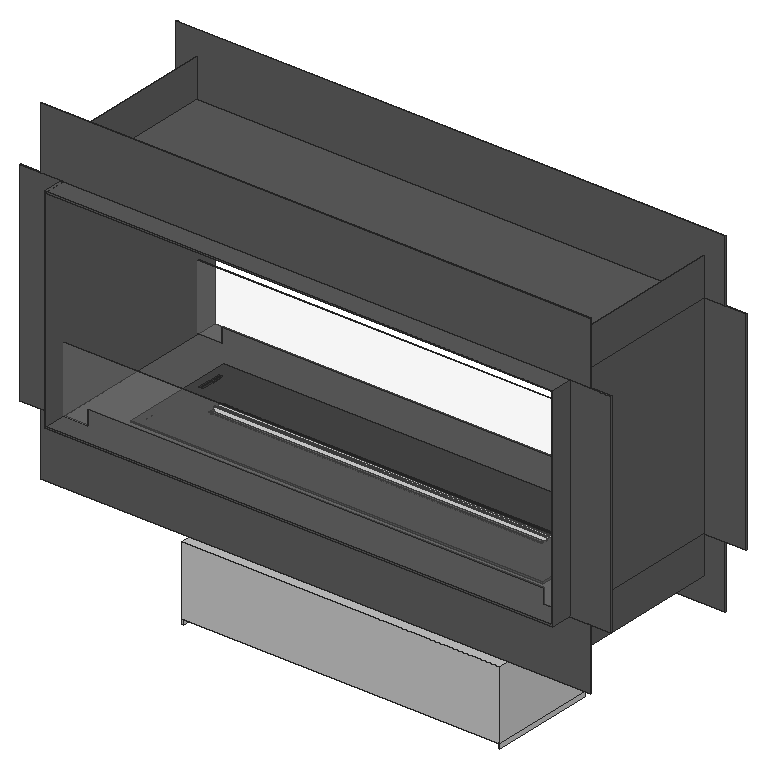
Revit family "1PLANIKA_FLA3_XL_CASING_FORMA_SEE-THROUGH", category Attrezzatura meccanica, host Muro, Revit 2017
Family settings
  Host = Muro
  Quota connettore circolare = Usa diametro
  Tipo di parte = Normale
  Sempre verticale = Sì
  Taglio con vuoti quando caricato = No
  Condiviso = No
  Punto di calcolo locali = Sì
Parameters (values of type "FLA3_XL_FORMA_1200_SEE-THROUGH")
  HOST WALL DEPTH = 506 mm
  URL = "https://www.planikafires.com"
  TECHNICAL SHEET = "https://www.planikausa.com/indoor-ethanol-fireplaces/see-through/forma-double-sided/"
  PRODUCT SHEET = "https://www.archiproducts.com/en/products/planika/bioethanol-fireplace-insert-fla-3-xl-in-casing-forma_431074"
  POWER SUPPLY = 230 V
  NET WEIGHT = 80.40 kg
  Modello = "FLA3 XL in FORMA SEE-THROUGH"
  Produttore = "PLANIKA"
  MINIMUM ROOM CUBATURE = 81 m³
  MAXIMUM HEAT OUTPUT = 8.1 kWh
  MAXIMUM BURN TIME = "10 hours"
  MATERIAL DESCRIPTION = "Steel, galvanized steel, toughened glass."
  LENGTH = 1320 mm
  HEIGHT = 710 mm
  FUEL TYPE = "Bioethanol 86 - 96,6%"
  FUEL TANK CAPACITY = 17.2 L
  FORMA LENGTH = 1219 mm
  FLAME HEIGHT REGULATION = "6 stages"
  FLA 3 LENGTH = 990 mm
  FINISHING MATERIAL = Black painted steel -  Planika
  ENVIRONMENTAL PERFORMANCE = "Maximum heat output: 8.1 kWh"
  Descrizione = "With a wide range of customization options, configurations and lengths, Planika’s FORMA see-through firebox can be fitted into virtually any space, be it a modern apartment or a traditional house! The main advantage of this solution is the self-contained zero clearance construction, giving architects and builders endless design possibilities. With two open sides, FORMA see-through firebox creates a perfect room divider, infusing warmth and ambiance into your living space."
  DEPTH = 406 mm
  CASING FINISH = Black powder coated steel - Planika
  BIM USER MANUAL = "https://img.edilportale.com/bim/Planika-manual-Planika-bim.pdf"
  BIM BADGE = "https://bim.archiproducts.com/en/badge/bim-archiproducts-featured_658700/about"
  BIM AUTHOR = "https://bim.archiproducts.com"
  APPLICATION = "For indoor use only"
  AIR CHANGE RATE = "1 space volume per hour"
Types (6, lengths in mm): name | NET WEIGHT | MINIMUM ROOM CUBATURE | MAXIMUM HEAT OUTPUT | MAXIMUM BURN TIME | LENGTH | FUEL TANK CAPACITY | FORMA LENGTH | FLA 3 LENGTH | ENVIRONMENTAL PERFORMANCE
  FLA3_XL_FORMA_1200_SEE-THROUGH | 80.40 kg | 81 m³ | 8.1 kWh | "10 hours" | 1320 | 17.2 L | 1219 | 990 | "Maximum heat output: 8.1 kWh"
  FLA3_XL_FORMA_1000_SEE-THROUGH | 67.80 kg | 69 m³ | 6.9 kWh | "32 hours" | 1120 | 13.4 L | 1016 | 790 | "Maximum heat output: 6.9 kWh"
  FLA3_XL_FORMA_1500_SEE-THROUGH | 96.60 kg | 113 m³ | 11.2 kWh | "10 hours" | 1630 | 21.0 L | 1524 | 1190 | "Maximum heat output: 11.2 kWh"
  FLA3_XL_FORMA_1800_SEE-THROUGH | 113.40 kg | 150 m³ | 15 kWh | "10 hours" | 1930 | 26.8 L | 1911 | 1490 | "Maximum heat output: 15 kWh"
  FLA3_XL_FORMA_2300_SEE-THROUGH | 157.10 kg | 212 m³ | 21.2 kWh | "10 hours" | 2440 | 36.3 L | 2337 | 1990 | "Maximum heat output: 21.2 kWh"
  FLA3_XL_FORMA_2700_SEE-THROUGH | 229.90 kg | 275 m³ | 27.5 kWh | "10 hours" | 2800 | 45.9 L | 2692 | 2490 | "Maximum heat output: 27.5 kWh"
Reference planes
  plane 1 "Wall": y = 0
  plane 2 "Center (Left/Right)": x = 125
  plane 3 "Back": y = 253
  plane 4: x = 734.5
  plane 5: x = -484.5
Forms (mm)
  Extrusion 1, void
    sketch origin (125, 0, 0) x (0, 1, 0) y (0, 0, 1)
      loop
        line (-253, 1898.739) -> (-253, 1390.739) -> (-125.097, 1390.739) -> (-125.097, 1210.739) -> (125.1, 1210.739) -> (125.1, 1390.739) -> (253, 1390.739) -> (253, 1898.739) -> (-253, 1898.739)
    from -609.5 to 609.5
Text (mm)
  text "Placement Side" at (-1848.837, 1116.779, 0), in view "Ref. Level"
  text "Placement side" at (0, 1409.804, 2854.306), in view "Left"
  text "Placement side" at (0, 499.811, 2980.732), in view "Right"
Dimensions and locks
  locked: plane 3 "Back" to host wall
  equal spacing: plane 4, plane 2 "Center (Left/Right)", plane 5
  "FORMA LENGTH": plane 4 to plane 5
  locked: plane 3 "Back" to nested 2 at 253
  aligned and locked: plane 1 "Wall" to host wall
  aligned and locked: nested 1 to plane 2 "Center (Left/Right)"
  aligned and locked: nested 2 to plane 2 "Center (Left/Right)"
  aligned and locked: Extrusion 1 sketch curve to host wall
  aligned and locked: Extrusion 1 sketch curve to nested 2  (x2)
  aligned and locked: Extrusion 1 to plane 5
  aligned and locked: plane 4 to Extrusion 1
  aligned and locked: Extrusion 1 sketch curve to nested 1
Automatic sketch dimensions
  Extrusion 1 sketch curve to Extrusion 1 sketch curve = 180 mm  (x2)
  Extrusion 1 sketch curve to Extrusion 1 sketch curve = 508 mm
  level to Extrusion 1 sketch curve = 1210.739 mm
Nested families
  nested 1: "CASING_FORMA" at (125, 203, 1644.739) x (-1, 0, 0) z (0, 1, 0), Length <- "FORMA LENGTH", MATERIAL <- "CASING FINISH", type "CASING_FORMA"
    with MATERIAL Black powder coated steel - Planika, Length 1219 mm
  nested 2: "FLA_3_XL" at (125, 0, 993.239) x (-1, 0, 0) z (0, 0, 1), Length <- "FLA 3 LENGTH", Material <- "FINISHING MATERIAL", type "FLA_3_XL"
    with Material Black painted steel -  Planika, Length 990 mm
Connectors
  electrical at (77.672, -98.443, 1213.239), driven by "POWER SUPPLY"
    settings: on nested 2, index 1, voltage 230 V, apparent load 0 VA, apparent load phase1 0 VA, apparent load phase2 0 VA, apparent load phase3 0 VA, power factor 1, load classification "Power", number of poles 1, system type 31, power factor state 1, is connector primary yes, connector utility no, sub classification motor no, connector description ""
Definition of nested family "CASING_FORMA"
  Parameters (values of type "CASING_FORMA")
    Width = 406 mm
    Height = 688 mm
    Length [instance] = 1219 mm
    MATERIAL [instance] = none
    Default Elevation = 1219.2 mm
  Reference planes
    plane 1 "Center (Front/Back)": y = 0
    plane 2: z = 0
    plane 3 "Center (Left/Right)": x = 0
    plane 4: x = -609.5
    plane 5: x = 609.5
    plane 6: y = 344
    plane 7: y = -344
    plane 8: z = -406
  Forms (mm)
    Extrusion 1, solid, material <- "MATERIAL", detail levels fine
      sketch origin (0, 0, 0) x (1, 0, 0) y (0, 1, 0)
        loop
          line (-709.5, -254) -> (-609.5, -254) -> (-609.5, 254) -> (-709.5, 254) -> (-709.5, -254)
        loop
          line (609.5, -254) -> (709.5, -254) -> (709.5, 254) -> (609.5, 254) -> (609.5, -254)
      from -2.5 to 0
    Extrusion 2, solid, material <- "MATERIAL", detail levels fine
      sketch origin (0, 0, 0) x (1, 0, 0) y (0, 1, 0)
        loop
          line (-659.5, 254) -> (659.5, 254) -> (659.5, 404) -> (-659.5, 404) -> (-659.5, 254)
      from -2.5 to 0
    Extrusion 3, solid, material <- "MATERIAL", detail levels fine
      sketch origin (0, 300, 0) x (1, 0, 0) y (0, 1, 0)
        loop
          line (-659.5, -554) -> (-659.5, -704) -> (659.5, -704) -> (659.5, -554) -> (-659.5, -554)
      from -2.5 to 0
    Extrusion 4, solid, material <- "MATERIAL", detail levels fine
      sketch origin (0, 0, 0) x (1, 0, 0) y (0, 0, 1)
        loop
          line (609.5, -2.5) -> (607, -2.5) -> (607, -403.5) -> (609.5, -403.5) -> (609.5, -2.5)
        loop
          line (-609.5, -2.5) -> (-609.5, -403.5) -> (-607, -403.5) -> (-607, -2.5) -> (-609.5, -2.5)
      from -344 to -254
    Extrusion 5, solid, material <- "MATERIAL", detail levels fine
      sketch origin (10, 0, 0) x (1, 0, 0) y (0, 0, 1)
        loop
          line (599.5, -2.5) -> (597, -2.5) -> (597, -403.5) -> (599.5, -403.5) -> (599.5, -2.5)
        loop
          line (-619.5, -2.5) -> (-619.5, -403.5) -> (-617, -403.5) -> (-617, -2.5) -> (-619.5, -2.5)
      from 254 to 344
    Extrusion 6, solid, material <- "MATERIAL", detail levels fine
      sketch origin (0, 0, 0) x (1, 0, 0) y (0, 1, 0)
        loop
          line (-659.5, 254) -> (659.5, 254) -> (659.5, 404) -> (-659.5, 404) -> (-659.5, 254)
      from -403.5 to -406
    Extrusion 7, solid, material <- "MATERIAL", detail levels fine
      sketch origin (0, 0, 0) x (1, 0, 0) y (0, 1, 0)
        loop
          line (-659.5, -404) -> (659.5, -404) -> (659.5, -254) -> (-659.5, -254) -> (-659.5, -404)
      from -403.5 to -406
    Extrusion 8, solid, material <- "MATERIAL", detail levels fine
      sketch origin (0, 0, 0) x (1, 0, 0) y (0, 1, 0)
        loop
          line (-609.5, -254) -> (-609.5, 254) -> (-709.5, 254) -> (-709.5, -254) -> (-609.5, -254)
        loop
          line (609.5, -254) -> (709.5, -254) -> (709.5, 254) -> (609.5, 254) -> (609.5, -254)
      from -406 to -403.5
    Extrusion 9, solid, material <- "MATERIAL", detail levels medium+fine
      sketch origin (0, 0, 0) x (1, 0, 0) y (0, 1, 0)
        loop
          line (-609.5, -254) -> (609.5, -254) -> (609.5, 254) -> (-609.5, 254) -> (-609.5, -254)
        loop
          line (607, 251.5) -> (-607, 251.5) -> (-607, -251.5) -> (607, -251.5) -> (607, 251.5)
      from 50 to -456
    Extrusion 10, solid, detail levels fine
      sketch origin (50, 0, 0) x (1, 0, 0) y (0, 1, 0)
        loop
          line (-657, -251.5) -> (-597, -251.5) -> (-597, -216.5) -> (497, -216.5) -> (497, -251.5) -> (557, -251.5) -> (557, -91.5) -> (-657, -91.5) -> (-657, -251.5)
      from -403.5 to -406
    Extrusion 11, solid, detail levels fine
      sketch origin (250, 0, 0) x (1, 0, 0) y (0, 1, 0)
        loop
          line (-857, -251.5) -> (-797, -251.5) -> (-797, -216.5) -> (297, -216.5) -> (297, -251.5) -> (357, -251.5) -> (357, -91.5) -> (-857, -91.5) -> (-857, -251.5)
      from -2.5 to 0
  Dimensions and locks
    "Length": plane 4 to plane 5
    equal spacing: plane 4, plane 3 "Center (Left/Right)", plane 5
    equal spacing: plane 7, plane 1 "Center (Front/Back)", plane 6
    "Height": plane 7 to plane 6
    "Width": plane 2 to plane 8
    locked: Extrusion 1 sketch curve to plane 4 at 100
    locked: plane 5 to Extrusion 1 sketch curve at 100
    locked: Extrusion 2 sketch curve to plane 4 at 50
    locked: plane 5 to Extrusion 2 sketch curve at 50
    Extrusion 2 sketch curve to plane 6 to Extrusion 2 sketch curve = 60 mm locked, 90 mm locked
    locked: Extrusion 3 sketch curve to plane 4 at 50
    locked: plane 5 to Extrusion 3 sketch curve at 50
    Extrusion 3 sketch curve to plane 7 to Extrusion 3 sketch curve = 90 mm locked, 60 mm locked
    locked: Extrusion 3 to Extrusion 3 at 2.5
    locked: Extrusion 2 to Extrusion 2 at 2.5
    locked: Extrusion 7 to Extrusion 7 at 2.5
    locked: Extrusion 9 sketch curve to Extrusion 9 sketch curve at 2.5  (x4)
    locked: Extrusion 9 to plane 2 at 50
    locked: plane 8 to Extrusion 9 at 50
    Extrusion 10 sketch curve to Extrusion 10 sketch curve to Extrusion 10 sketch curve = 35 mm locked, 125 mm locked
    locked: Extrusion 10 sketch curve to Extrusion 10 sketch curve at 60  (x2)
    Extrusion 11 sketch curve to Extrusion 11 sketch curve to Extrusion 11 sketch curve = 35 mm locked, 125 mm locked
    locked: Extrusion 11 sketch curve to Extrusion 11 sketch curve at 60  (x2)
    aligned and locked: level to plane 2
    aligned and locked: plane 4 to Extrusion 1 sketch curve
    aligned and locked: plane 5 to Extrusion 1 sketch curve
    aligned and locked: Extrusion 1 sketch curve to Extrusion 2  (x2)
    aligned and locked: Extrusion 1 sketch curve to Extrusion 3  (x2)
    aligned and locked: plane 2 to Extrusion 2
    aligned and locked: plane 2 to Extrusion 3
    aligned and locked: plane 5 to Extrusion 4 sketch curve
    aligned and locked: Extrusion 4 sketch curve to plane 4
    aligned and locked: Extrusion 4 to Extrusion 2
    aligned and locked: Extrusion 4 to plane 6
    aligned and locked: plane 7 to Extrusion 5
    aligned and locked: Extrusion 3 to Extrusion 5
    aligned and locked: Extrusion 3 to Extrusion 4 sketch curve  (x2)
    aligned and locked: Extrusion 3 to Extrusion 5 sketch curve  (x2)
    aligned and locked: Extrusion 6 sketch curve to Extrusion 2  (x4)
    aligned and locked: Extrusion 7 sketch curve to Extrusion 3  (x4)
    aligned and locked: Extrusion 8 sketch curve to Extrusion 1  (x6)
    aligned and locked: plane 8 to Extrusion 7
    aligned and locked: plane 8 to Extrusion 6
    aligned and locked: Extrusion 6 to Extrusion 7
    aligned and locked: Extrusion 3 to Extrusion 1
    aligned and locked: plane 8 to Extrusion 8
    aligned and locked: Extrusion 8 to Extrusion 7
    aligned and locked: Extrusion 9 sketch curve to plane 5
    aligned and locked: Extrusion 9 sketch curve to plane 4
    aligned and locked: Extrusion 9 sketch curve to Extrusion 2
    aligned and locked: Extrusion 9 sketch curve to Extrusion 3
    aligned and locked: Extrusion 9 to Extrusion 5  (x4)
    aligned and locked: plane 2 to Extrusion 1
    aligned and locked: Extrusion 10 sketch curve to Extrusion 9  (x3)
    aligned and locked: Extrusion 9 to Extrusion 10 sketch curve
    aligned and locked: Extrusion 10 to plane 8
    aligned and locked: Extrusion 7 to Extrusion 10
    aligned and locked: Extrusion 11 to Extrusion 9  (x4)
    aligned and locked: Extrusion 3 to Extrusion 11  (x2)
  Automatic sketch dimensions
    plane 4 to Extrusion 4 sketch curve = 2.5 mm
    plane 5 to Extrusion 4 sketch curve = 2.5 mm
    plane 8 to Extrusion 4 sketch curve = 2.5 mm  (x2)
    Extrusion 5 sketch curve to plane 4 = 0 mm
    plane 5 to Extrusion 5 sketch curve = 0 mm
    plane 4 to Extrusion 5 sketch curve = 2.5 mm
    plane 5 to Extrusion 5 sketch curve = 2.5 mm
    plane 8 to Extrusion 5 sketch curve = 2.5 mm  (x2)
    Extrusion 8 sketch curve to plane 7 = 90 mm  (x2)
    Extrusion 11 sketch curve to plane 7 = 92.5 mm
    plane 4 to Extrusion 11 sketch curve = 2.5 mm
    plane 5 to Extrusion 11 sketch curve = 62.5 mm
    Extrusion 11 sketch curve to Extrusion 11 sketch curve = 35 mm
Definition of nested family "FLA_3_XL"
  Parameters (values of type "FLA_3_XL")
    URL = ""
    Model = ""
    Material [instance] = none
    Manufacturer = ""
    Length [instance] = 990 mm
    Description = ""
    Default Elevation = 1219.2 mm
  Reference planes
    plane 1 "Center (Front/Back)": y = 0
    plane 2: z = 0
    plane 3 "Center (Left/Right)": x = 0
    plane 4: x = -495
    plane 5: x = 495
    plane 6: x = -400
    plane 7: x = 400
    plane 8: x = -447.5
    plane 9: x = 447.5
    plane 10 "Level 1": z = 0
    plane 11: z = 455.862
  Forms (mm)
    Extrusion 1, solid, material <- "Material", detail levels fine
      sketch origin (0, 0, 0) x (0, 1, 0) y (-1, 0, 0)
        loop
          line (-139.982, 495) -> (-139.982, -495) -> (139.98, -495) -> (139.98, 495) -> (-139.982, 495)
        loop
          line (-19.978, 400) -> (-19.978, -400) -> (23.031, -400) -> (23.031, 400) -> (-19.978, 400)
        loop
          line (-72.434, 475) -> (-101.434, 475) -> (-101.434, 470) -> (-72.434, 470) -> (-72.434, 475)
        loop
          line (-72.434, 468) -> (-101.434, 468) -> (-101.434, 463) -> (-72.434, 463) -> (-72.434, 468)
        loop
          line (-41.457, 475) -> (-70.457, 475) -> (-70.457, 470) -> (-41.457, 470) -> (-41.457, 475)
        loop
          line (-41.457, 468) -> (-70.457, 468) -> (-70.457, 463) -> (-41.457, 463) -> (-41.457, 468)
        loop
          line (-70.457, -475) -> (-41.457, -475) -> (-41.457, -470) -> (-70.457, -470) -> (-70.457, -475)
        loop
          line (-70.457, -468) -> (-41.457, -468) -> (-41.457, -463) -> (-70.457, -463) -> (-70.457, -468)
        loop
          line (-101.434, -475) -> (-72.434, -475) -> (-72.434, -470) -> (-101.434, -470) -> (-101.434, -475)
        loop
          line (-101.434, -468) -> (-72.434, -468) -> (-72.434, -463) -> (-101.434, -463) -> (-101.434, -468)
      from 400 to 403
    Extrusion 2, solid, detail levels fine
      sketch origin (0, 0, 0) x (0, 1, 0) y (-1, 0, 0)
        loop
          line (125.097, -480) -> (125.097, 480) -> (-125.1, 480) -> (-125.1, -480) -> (125.097, -480)
        loop
          line (-122.1, -477) -> (122.097, -477) -> (122.097, 477) -> (-122.1, 477) -> (-122.1, -477)
      from 220 to 400
    Extrusion 3, solid, detail levels fine
      sketch origin (-500, 1995.821, 1200) x (0, 1, 0) y (0, 0, 1)
        loop
          arc (-1972.79, -797) -> (-1977.026, -798.755) -> (-1978.781, -802.99) r 5.99
          line (-1978.781, -802.99) -> (-1978.781, -820.489) -> (-1976.085, -820.489) -> (-1976.085, -802.99)
          arc (-1976.085, -802.99) -> (-1975.12, -800.661) -> (-1972.79, -799.696) r 3.294
          line (-1972.79, -799.696) -> (-1972.79, -797)
        loop
          line (-2015.801, -797) -> (-2015.801, -799.696)
          arc (-2015.801, -799.696) -> (-2013.472, -800.661) -> (-2012.507, -802.99) r 3.294
          line (-2012.507, -802.99) -> (-2012.507, -820.489) -> (-2009.81, -820.489) -> (-2009.81, -802.99)
          arc (-2009.81, -802.99) -> (-2011.565, -798.755) -> (-2015.801, -797) r 5.99
      from 100 to 900
    Extrusion 4, solid, detail levels fine
      sketch origin (0, 0, 0) x (0, 1, 0) y (-1, 0, 0)
        loop
          line (122.097, 477) -> (-122.1, 477) -> (-122.1, -477) -> (122.097, -477) -> (122.097, 477)
      from 220 to 223
    Extrusion 5, solid, detail levels medium
      sketch origin (0, 0, 0) x (0, 1, 0) y (-1, 0, 0)
        loop
          line (-139.982, 495) -> (-139.982, -495) -> (139.98, -495) -> (139.98, 495) -> (-139.982, 495)
      from 0 to 400
    Extrusion 6, solid, detail levels fine
      sketch origin (-447.5, 1994.334, 1200) x (0, 1, 0) y (0, 0, 1)
        loop
          line (-1984.329, -792.199) -> (-1989.312, -792.199) -> (-1989.312, -795.189) -> (-1985.824, -795.189) -> (-1985.824, -802.166) -> (-2002.767, -802.166) -> (-2002.767, -795.189) -> (-1999.279, -795.189) -> (-1999.279, -792.199) -> (-2004.262, -792.199) -> (-2004.262, -822.1) -> (-1984.329, -822.1) -> (-1984.329, -792.199)
      from 47.5 to 847.5
    Extrusion 7, solid, detail levels fine
      sketch origin (0, 0, 0) x (0, 1, 0) y (-1, 0, 0)
        loop
          line (127, 381) -> (-127, 381) -> (-127, -381) -> (127, -381) -> (127, 381)
      from 10 to 176
    Extrusion 8, solid, detail levels fine
      sketch origin (96, 0, 0) x (1, 0, 0) y (0, 1, 0)
        loop
          line (-477, -127) -> (-474, -127) -> (-474, 127) -> (-477, 127) -> (-477, -127)
      from 0 to 10
    Extrusion 9, solid, detail levels fine
      sketch origin (-225, 0, 0) x (-1, 0, 0) y (0, -1, 0)
        loop
          line (-606, 127) -> (-606, -127) -> (-603, -127) -> (-603, 127) -> (-606, 127)
      from 0 to 10
    Extrusion 10, solid, detail levels fine
      sketch origin (0, 0, 0) x (1, 0, 0) y (0, 1, 0)
        loop
          line (32.328, 108.443) -> (32.328, 88.443) -> (62.328, 88.443) -> (62.328, 108.443) -> (32.328, 108.443)
      from 220 to 223
  Lines and regions (mm)
    model lines, detail levels coarse+medium
      curve 1: line (-495, -139.982, 0) -> (495, -139.982, 0)
      curve 2: line (-495, 139.98, 0) -> (-495, -139.982, 0)
      curve 3: line (495, 139.98, 0) -> (-495, 139.98, 0)
      curve 4: line (495, -139.982, 0) -> (495, 139.98, 0)
    model lines, detail levels medium
      curve 5: line (-400, -19.978, 0) -> (400, -19.978, 0)
      curve 6: line (-400, 23.031, 0) -> (-400, -19.978, 0)
      curve 7: line (400, 23.031, 0) -> (-400, 23.031, 0)
      curve 8: line (400, -19.978, 0) -> (400, 23.031, 0)
      curve 9: line (-447.5, -39.875, 0) -> (447.5, -39.875, 0)
      curve 10: line (-447.5, -34.075, 0) -> (-447.5, -39.875, 0)
      curve 11: line (447.5, -34.075, 0) -> (-447.5, -34.075, 0)
      curve 12: line (447.5, -39.875, 0) -> (447.5, -34.075, 0)
  Dimensions and locks
    equal spacing: plane 4, plane 3 "Center (Left/Right)", plane 5
    "Length": plane 4 to plane 5
    locked: plane 4 to plane 6 at 95
    locked: plane 7 to plane 5 at 95
    equal spacing: plane 4, plane 8, plane 6
    equal spacing: plane 7, plane 9, plane 5
    Extrusion 6 sketch curve to Extrusion 6 sketch curve to Extrusion 6 sketch curve to Extrusion 6 sketch curve = 19.934 mm locked, 6.977 mm locked, 2.99 mm locked
    locked: plane 10 "Level 1" to Extrusion 6 sketch curve at 377.9
    Extrusion 3 sketch curve to Extrusion 3 sketch curve to Extrusion 3 sketch curve to plane 10 "Level 1" = 2.696 mm locked, 20.792 mm locked, 379.511 mm locked
    locked: Extrusion 10 to Extrusion 10 at 3
    locked: plane 11 to plane 2 at 455.862
    Extrusion 7 to plane 3 "Center (Left/Right)" to Extrusion 7 = 381 mm locked, 381 mm locked
    locked: Extrusion 8 sketch curve to Extrusion 8 sketch curve at 3
    locked: Extrusion 9 sketch curve to Extrusion 9 sketch curve at 3
    aligned and locked: level to plane 2
    aligned and locked: Extrusion 1 sketch curve to plane 4
    aligned and locked: plane 5 to Extrusion 1 sketch curve
    aligned and locked: Extrusion 3 to plane 6
    aligned and locked: plane 7 to Extrusion 3
    aligned and locked: Extrusion 5 sketch curve to Extrusion 1  (x2)
    aligned and locked: curve 2 to Extrusion 1
    aligned and locked: curve 4 to Extrusion 1
    aligned and locked: curve 6 to Extrusion 1
    aligned and locked: Extrusion 6 to Extrusion 1  (x2)
    aligned and locked: Extrusion 1 sketch curve to plane 7
    aligned and locked: Extrusion 2 to Extrusion 10
    aligned and locked: plane 4 to nested 1
    aligned and locked: nested 1 to Extrusion 1  (x2)
    aligned and locked: nested 2 to plane 11
    aligned and locked: nested 2 to plane 2
    aligned and locked: plane 4 to nested 2
    aligned and locked: plane 5 to nested 2
    aligned and locked: nested 3 to plane 11
    aligned and locked: nested 3 to plane 2
    aligned and locked: nested 3 to Extrusion 5  (x2)
    aligned and locked: Extrusion 8 to Extrusion 7
    aligned and locked: Extrusion 9 to Extrusion 7
  Automatic sketch dimensions
    curve 7 to plane 7 = 0 mm
    plane 1 "Center (Front/Back)" to curve 1 = 139.982 mm
    plane 1 "Center (Front/Back)" to curve 9 = 39.875 mm
    curve 9 to curve 11 = 5.8 mm
    plane 1 "Center (Front/Back)" to curve 6 = 19.978 mm
    curve 8 to plane 1 "Center (Front/Back)" = 23.031 mm
    curve 3 to plane 1 "Center (Front/Back)" = 139.98 mm
    Extrusion 1 sketch curve to plane 6 = 0 mm
    plane 1 "Center (Front/Back)" to Extrusion 1 sketch curve = 139.982 mm
    Extrusion 1 sketch curve to plane 5 = 20 mm  (x2)
    Extrusion 1 sketch curve to Extrusion 1 sketch curve = 38.548 mm  (x2)
    Extrusion 1 sketch curve to Extrusion 1 sketch curve = 0 mm  (x10)
    Extrusion 1 sketch curve to plane 8 = 15.5 mm
    Extrusion 1 sketch curve to Extrusion 1 sketch curve = 29 mm  (x4)
    Extrusion 1 sketch curve to Extrusion 1 sketch curve = 1.977 mm  (x4)
    plane 1 "Center (Front/Back)" to Extrusion 1 sketch curve = 19.978 mm
    Extrusion 1 sketch curve to plane 1 "Center (Front/Back)" = 23.031 mm
    Extrusion 1 sketch curve to plane 1 "Center (Front/Back)" = 139.98 mm
    Extrusion 1 sketch curve to Extrusion 1 sketch curve = 5 mm  (x7)
    Extrusion 1 sketch curve to Extrusion 1 sketch curve = 2 mm  (x2)
    plane 4 to Extrusion 2 sketch curve = 15 mm
    plane 1 "Center (Front/Back)" to Extrusion 2 sketch curve = 125.1 mm
    Extrusion 2 sketch curve to Extrusion 2 sketch curve = 3 mm  (x4)
    Extrusion 2 sketch curve to plane 5 = 18 mm
    Extrusion 2 sketch curve to plane 1 "Center (Front/Back)" = 122.097 mm
    Extrusion 3 sketch curve to Extrusion 3 sketch curve = 0 mm  (x3)
    plane 1 "Center (Front/Back)" to Extrusion 3 sketch curve = 19.98 mm
    plane 1 "Center (Front/Back)" to Extrusion 3 sketch curve = 16.685 mm
    Extrusion 3 sketch curve to plane 1 "Center (Front/Back)" = 17.041 mm
    Extrusion 3 sketch curve to Extrusion 3 sketch curve = 2.696 mm
    Extrusion 3 sketch curve to Extrusion 3 sketch curve = 3.294 mm
    Extrusion 3 sketch curve to Extrusion 3 sketch curve = 17.498 mm
    plane 4 to Extrusion 4 sketch curve = 18 mm
    plane 1 "Center (Front/Back)" to Extrusion 4 sketch curve = 122.1 mm
    Extrusion 4 sketch curve to plane 1 "Center (Front/Back)" = 122.097 mm
    Extrusion 4 sketch curve to plane 5 = 18 mm
    plane 1 "Center (Front/Back)" to Extrusion 5 sketch curve = 139.982 mm
    Extrusion 5 sketch curve to plane 1 "Center (Front/Back)" = 139.98 mm
    plane 1 "Center (Front/Back)" to Extrusion 6 sketch curve = 9.928 mm
    plane 1 "Center (Front/Back)" to Extrusion 6 sketch curve = 8.433 mm
    Extrusion 6 sketch curve to Extrusion 6 sketch curve = 3.488 mm  (x2)
    Extrusion 6 sketch curve to plane 1 "Center (Front/Back)" = 5.022 mm
    Extrusion 6 sketch curve to Extrusion 6 sketch curve = 1.495 mm
    Extrusion 6 sketch curve to Extrusion 6 sketch curve = 6.977 mm
    Extrusion 6 sketch curve to Extrusion 6 sketch curve = 2.99 mm
    plane 6 to Extrusion 7 sketch curve = 19 mm
    plane 1 "Center (Front/Back)" to Extrusion 7 sketch curve = 127 mm
    Extrusion 7 sketch curve to plane 1 "Center (Front/Back)" = 127 mm
    Extrusion 7 sketch curve to plane 7 = 19 mm
    plane 6 to Extrusion 8 sketch curve = 19 mm
    plane 1 "Center (Front/Back)" to Extrusion 8 sketch curve = 127 mm
    Extrusion 8 sketch curve to plane 1 "Center (Front/Back)" = 127 mm
    plane 7 to Extrusion 9 sketch curve = 19 mm
    Extrusion 9 sketch curve to plane 1 "Center (Front/Back)" = 127 mm
    plane 1 "Center (Front/Back)" to Extrusion 9 sketch curve = 127 mm
    plane 3 "Center (Left/Right)" to Extrusion 10 sketch curve = 32.328 mm
    Extrusion 10 sketch curve to Extrusion 10 sketch curve = 30 mm
    Extrusion 10 sketch curve to plane 1 "Center (Front/Back)" = 88.443 mm
    Extrusion 10 sketch curve to Extrusion 10 sketch curve = 20 mm
    curve 10 to plane 8 = 0 mm
    curve 9 to plane 9 = 0 mm
  Nested families
    nested 1: "FIREPLACE_SYMBOL_detail item" at (175, -0.001, 0), type "FIREPLACE_SYMBOL_detail item", detail levels coarse
      with WIDTH 1340 mm, HEIGHT 279.962 mm
    nested 2: "FIREPLACE_SYMBOL_detail item" at (0, 0, 227.931) x (1, 0, 0) z (0, -1, 0), type "FIREPLACE_SYMBOL_detail item", detail levels coarse
      with WIDTH 990 mm, HEIGHT 455.862 mm
    nested 3: "FIREPLACE_SYMBOL_detail item" at (0, -0.001, 227.931) x (0, 1, 0) z (1, 0, 0), type "FIREPLACE_SYMBOL_detail item", detail levels coarse
      with WIDTH 279.962 mm, HEIGHT 455.862 mm
  Connectors
    electrical at (47.328, 98.443, 220)
      settings: on Extrusion 10, index 1, voltage 230 V, apparent load 0 VA, apparent load phase1 0 VA, apparent load phase2 0 VA, apparent load phase3 0 VA, power factor 1, load classification none, number of poles 1, system type 31, power factor state 1, is connector primary yes, connector utility no, sub classification motor no, connector description ""
  Definition of nested family "FIREPLACE_SYMBOL_detail item"
    Parameters (values of type "FIREPLACE_SYMBOL_detail item")
      WIDTH [instance] = 500 mm
      HEIGHT [instance] = 500 mm
    Reference planes
      plane 1 "Center (Front/Back)": y = 0
      plane 2: z = 0
      plane 3 "Center (Left/Right)": x = 0
      plane 4: x = 250
      plane 5: x = -250
      plane 6: y = 250
      plane 7: y = -250
    Lines and regions (mm)
      Filled region 1, type "Concrete", in view "Ref. Level"
        outline origin (-246.617, 90, 0) x (1, 0, 0) y (0, 1, 0)
          loop
            line (-3.383, -340) -> (496.617, -340) -> (496.617, 160) -> (-3.383, -340)
      detail lines, in view "Ref. Level"
        curve 1: line (-250, 250, 0) -> (250, 250, 0)
        curve 2: line (-250, -250, 0) -> (-250, 250, 0)
        curve 3: line (250, -250, 0) -> (-250, -250, 0)
        curve 4: line (250, 250, 0) -> (250, -250, 0)
    Dimensions and locks
      equal spacing: plane 5, plane 3 "Center (Left/Right)", plane 4
      equal spacing: plane 7, plane 1 "Center (Front/Back)", plane 6
      "WIDTH": plane 5 to plane 4
      "HEIGHT": plane 7 to plane 6
      aligned and locked: plane 6 to curve 1
      aligned and locked: plane 5 to curve 2
      aligned and locked: curve 3 to plane 7
      aligned and locked: curve 4 to plane 4
      aligned and locked: plane 6 to Filled region 1 sketch curve
      aligned and locked: plane 5 to Filled region 1 sketch curve
      aligned and locked: Filled region 1 sketch curve to plane 4
      aligned and locked: plane 7 to Filled region 1 sketch curve
